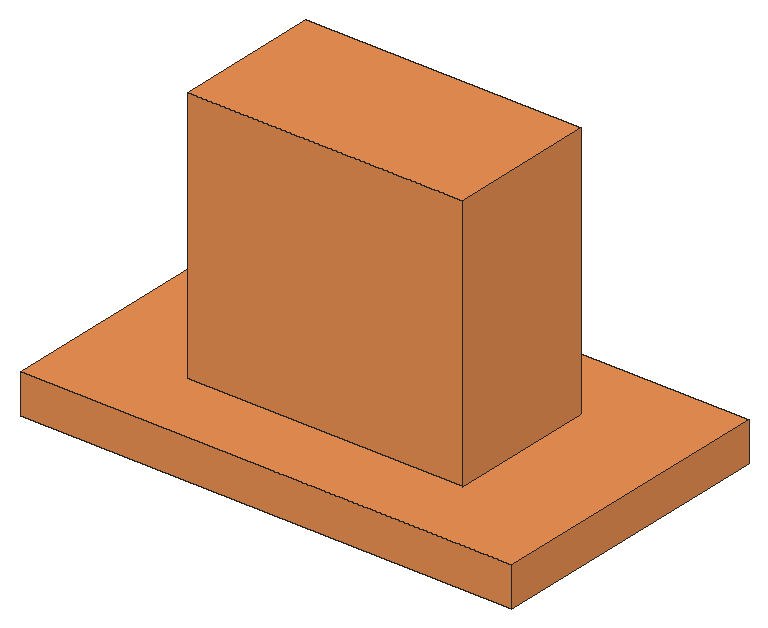
Revit family "BUS_Flanged End 1600A", category Electrical Equipment, Revit 2025
Family settings
  Panel Configuration = Two Columns, Circuits Across
  Round Connector Dimension = Use Diameter
  Part Type = Panelboard
  OmniClass Number = 23.80.30.11.17
  OmniClass Title = Distribution Boards and Control Panels
  Work Plane-Based = No
  Always vertical = Yes
  Cut with Voids When Loaded = No
  Maintain Annotation Orientation = No
  Shared = No
  Room Calculation Point = No
Parameters (values of type "1600A")
  built-in parameter 1140142 [instance] = -1
  built-in parameter 1140140 [instance] = 1 (stored number, unit not read)
  built-in parameter 1155100 [instance] = -1
  Default Elevation = 0 mm
Reference planes
  plane 1 "Center (Front/Back)": y = 0
  plane 2: z = 0
  plane 3 "Center (Left/Right)": x = 0
Forms (mm)
  Extrusion 1, solid, material "Busduct 1600A"
    sketch origin (0, 0, 0) x (1, 0, 0) y (0, 1, 0)
      loop
        line (-140, -75) -> (140, -75) -> (140, 75) -> (-140, 75) -> (-140, -75)
    from 0 to 300
  Extrusion 2, solid, material "Busduct 1600A"
    sketch origin (0, 0, 0) x (1, 0, 0) y (0, 1, 0)
      loop
        line (-250, -150) -> (250, -150) -> (250, 150) -> (-250, 150) -> (-250, -150)
    from 0 to 40
Dimensions and locks
  aligned and locked: level to plane 2
